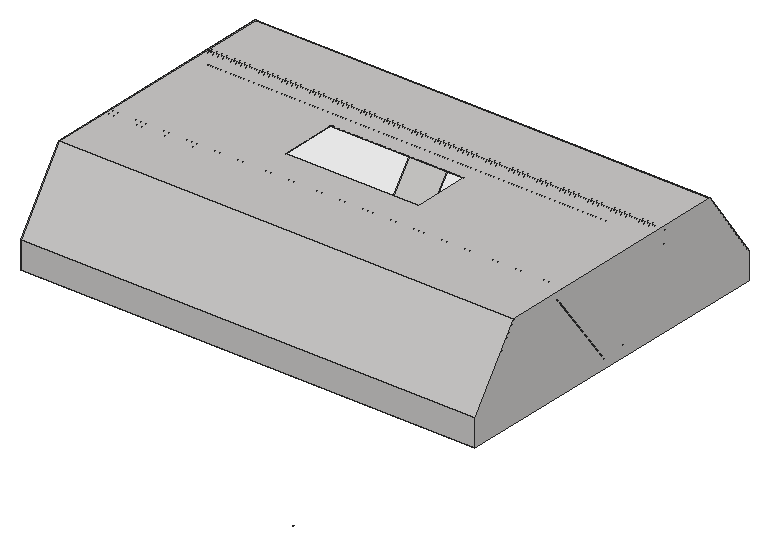
Revit family "QF_ELECTROLUXPROFESSIONAL_642359_BC1824DT", category Specialty Equipment, Revit 2014
Reference planes
  plane 1: z = 0
  plane 2 "Center (Left/Right)": x = 150
  plane 3 "LEFT": x = -1050
  plane 4 "RIGHT": x = 1350
  plane 5 "BACK": y = 550
  plane 6 "TOP": z = 2500
  plane 7 "Base": z = 2000
  plane 8: z = 1946
  plane 9: x = -1047
  plane 10 "DrainX": x = 1199
  plane 11 "AOLeft2": x = 450
  plane 12: x = 1347
  plane 13: x = -850
  plane 14: x = 1150
  plane 15: x = 50
  plane 16: x = 250
  plane 17 "AOLeft1": x = -250
  plane 18: y = -200
  plane 19: y = -500
  plane 20 "Center (Front/Back)": y = -350
  plane 21: y = -1250
  plane 22: through (0, -401.379, 2046.209) normal (0, 0.8019, 0.5974)
  plane 23: through (0, -298.621, 2046.209) normal (0, 0.8019, -0.5974)
  plane 24: z = 2140
Forms (mm)
  Extrusion 1, solid, material "QF_Finishes_Stainless Steel"
    sketch origin (-1050, 0, 360) x (0, 1, 0) y (0, 0, 1)
      loop
        line (550, 1640) -> (550, 1780) -> (299.446, 2140) -> (-999.446, 2140) -> (-1250, 1780) -> (-1250, 1640) -> (550, 1640)
    from 0 to 3
  Extrusion 2, solid, material "QF_Finishes_Stainless Steel"
    sketch origin (1350, 0, 360) x (0, 1, 0) y (0, 0, 1)
      loop
        line (550, 1640) -> (550, 1780) -> (299.446, 2140) -> (-999.446, 2140) -> (-1250, 1780) -> (-1250, 1640) -> (550, 1640)
    from 0 to -3
  Extrusion 3, solid, material "QF_Finishes_Stainless Steel"
    sketch origin (150, 0, 360) x (0, 1, 0) y (0, 0, 1)
      loop
        line (-999.446, 2140) -> (-1250, 1780) -> (-1250, 1640) -> (-1240, 1640) -> (-1240, 1640.8) -> (-1249.2, 1640.8) -> (-1249.2, 1779.739) -> (-999.025, 2139.19) -> (299.025, 2139.19) -> (549.2, 1779.739) -> (549.2, 1640.8) -> (540, 1640.8) -> (540, 1640) -> (550, 1640) -> (550, 1780) -> (299.446, 2140) -> (-999.446, 2140)
    from -1200 to 1200
  Extrusion 4, void
    sketch origin (0, 0, 2500) x (0, 1, 0) y (-1, 0, 0)
      loop
        line (-200, -450) -> (-200, 250) -> (-500, 250) -> (-500, -450) -> (-200, -450)
    from 0 to -10
  Extrusion 5, solid, material "QF_Finishes_Stainless Steel"
    sketch origin (0, 0, 0) x (1, 0, 0) y (0, 1, 0)
      loop
        line (-1050, 550) -> (-1050, 549) -> (-1049, 549) -> (-1049, 550) -> (-1050, 550)
    from 0 to 1
  Extrusion 6, solid, material "QF_Finishes_Stainless Steel"
    sketch origin (150, -400, 360) x (0, 1, 0) y (0, 0, 1)
      loop
        line (-298.883, 2085.553) -> (-1.379, 1686.209) -> (14.66, 1698.157) -> (-282.844, 2097.501) -> (-298.883, 2085.553)
      loop
        line (398.883, 2085.553) -> (382.844, 2097.501) -> (85.34, 1698.157) -> (101.379, 1686.209) -> (398.883, 2085.553)
    from -1000 to -1197
  Extrusion 7, solid, material "QF_Finishes_Stainless Steel"
    sketch origin (150, -400, 360) x (0, 1, 0) y (0, 0, 1)
      loop
        arc (116.056, 1704.554) -> (115.455, 1704.706) -> (114.923, 1704.389) r 0.81
        line (114.923, 1704.389) -> (100.465, 1684.991) -> (83.389, 1687.002) -> (86.391, 1712.615) -> (85.593, 1712.708) -> (82.594, 1687.095)
        arc (82.594, 1687.095) -> (82.763, 1686.499) -> (83.305, 1686.197) r 0.81
        line (83.305, 1686.197) -> (100.372, 1684.196)
        arc (100.372, 1684.196) -> (100.787, 1684.257) -> (101.116, 1684.517) r 0.81
        line (101.116, 1684.517) -> (115.564, 1703.911) -> (126.308, 1695.919) -> (100.145, 1660.79) -> (-0.145, 1660.79) -> (-26.308, 1695.919) -> (-15.564, 1703.911) -> (-1.116, 1684.517)
        arc (-1.116, 1684.517) -> (-0.787, 1684.257) -> (-0.372, 1684.196) r 0.81
        line (-0.372, 1684.196) -> (16.695, 1686.197)
        arc (16.695, 1686.197) -> (17.237, 1686.499) -> (17.406, 1687.095) r 0.81
        line (17.406, 1687.095) -> (14.407, 1712.708) -> (13.609, 1712.615) -> (16.611, 1687.002) -> (-0.465, 1684.991) -> (-14.923, 1704.389)
        arc (-14.923, 1704.389) -> (-15.455, 1704.706) -> (-16.056, 1704.554) r 0.81
        line (-16.056, 1704.554) -> (-26.786, 1696.561)
        arc (-26.786, 1696.561) -> (-27.103, 1696.028) -> (-26.951, 1695.427) r 0.81
        line (-26.951, 1695.427) -> (-0.843, 1660.381)
        arc (-0.843, 1660.381) -> (-0.5, 1660.093) -> (-0.063, 1659.99) r 0.972
        line (-0.063, 1659.99) -> (100.049, 1659.99)
        arc (100.049, 1659.99) -> (100.498, 1660.096) -> (100.851, 1660.393) r 1
        line (100.851, 1660.393) -> (126.951, 1695.427)
        arc (126.951, 1695.427) -> (127.103, 1696.028) -> (126.786, 1696.561) r 0.81
        line (126.786, 1696.561) -> (116.056, 1704.554)
      loop
        line (-292.735, 2139.19) -> (-292.735, 2129.205) -> (-317.587, 2110.686)
        arc (-317.587, 2110.686) -> (-317.904, 2110.153) -> (-317.752, 2109.552) r 0.81
        line (-317.752, 2109.552) -> (-284.894, 2065.446) -> (-295.625, 2057.438) -> (-295.147, 2056.796) -> (-284.418, 2064.79)
        arc (-284.418, 2064.79) -> (-284.1, 2065.322) -> (-284.252, 2065.923) r 0.81
        line (-284.252, 2065.923) -> (-317.117, 2110.038) -> (-291.935, 2128.798) -> (-291.935, 2138.4) -> (-262.776, 2138.4) -> (-262.776, 2070.563) -> (-261.976, 2069.49) -> (-261.976, 2139.19) -> (-292.735, 2139.19)
      loop
        line (392.735, 2139.19) -> (361.976, 2139.19) -> (361.976, 2069.49) -> (362.776, 2070.563) -> (362.776, 2138.4) -> (391.935, 2138.4) -> (391.935, 2128.798) -> (417.117, 2110.038) -> (384.252, 2065.923)
        arc (384.252, 2065.923) -> (384.1, 2065.322) -> (384.418, 2064.79) r 0.81
        line (384.418, 2064.79) -> (395.147, 2056.796) -> (395.625, 2057.438) -> (384.894, 2065.446) -> (417.752, 2109.552)
        arc (417.752, 2109.552) -> (417.904, 2110.153) -> (417.587, 2110.686) r 0.81
        line (417.587, 2110.686) -> (392.735, 2129.205) -> (392.735, 2139.19)
    from -1197 to 1197
  Extrusion 8, solid, material "QF_Finishes_Stainless Steel"
    sketch origin (150, -400, 360) x (0, 1, 0) y (0, 0, 1)
      loop
        line (-298.883, 2085.553) -> (-1.379, 1686.209) -> (14.66, 1698.157) -> (-282.844, 2097.501) -> (-298.883, 2085.553)
      loop
        line (398.883, 2085.553) -> (382.844, 2097.501) -> (85.34, 1698.157) -> (101.379, 1686.209) -> (398.883, 2085.553)
    from 1197 to 1000
  Extrusion 9, solid, material "QF_Finishes_Stainless Steel"
    sketch origin (150, -400, 360) x (0, 1, 0) y (0, 0, 1)
      loop
        line (-298.883, 2085.553) -> (-1.379, 1686.209) -> (14.66, 1698.157) -> (-282.844, 2097.501) -> (-298.883, 2085.553)
      loop
        line (398.883, 2085.553) -> (382.844, 2097.501) -> (85.34, 1698.157) -> (101.379, 1686.209) -> (398.883, 2085.553)
    from -100 to 100
  Extrusion 10, solid, material "QF_Finished_Chrome"
    sketch origin (150, -400, 360) x (0, 1, 0) y (0, 0, 1)
      loop
        line (-298.883, 2085.553) -> (-1.379, 1686.209) -> (14.66, 1698.157) -> (-282.844, 2097.501) -> (-298.883, 2085.553)
      loop
        line (398.883, 2085.553) -> (382.844, 2097.501) -> (85.34, 1698.157) -> (101.379, 1686.209) -> (398.883, 2085.553)
    from -1000 to -100
  Extrusion 11, solid, material "QF_Finished_Chrome"
    sketch origin (150, -400, 360) x (0, 1, 0) y (0, 0, 1)
      loop
        line (-298.883, 2085.553) -> (-1.379, 1686.209) -> (14.66, 1698.157) -> (-282.844, 2097.501) -> (-298.883, 2085.553)
      loop
        line (398.883, 2085.553) -> (382.844, 2097.501) -> (85.34, 1698.157) -> (101.379, 1686.209) -> (398.883, 2085.553)
    from 100 to 1000
  Sweep 12, solid, material "QF_Finishes_Stainless Steel"
    path origin (0, 0, 0) x (1, 0, 0) y (0, 1, 0)
      loop
        line (1350, 550) -> (-1050, 550) -> (-1050, -1250) -> (1350, -1250) -> (1350, 550)
    profile origin (1350, -350, 0) x (1, 0, 0) y (0, 0, 1)
      loop
        line (-3, 2000) -> (-3, 2000.8) -> (-19, 2000.8) -> (-19, 2010) -> (-20, 2010) -> (-20, 2000) -> (-3, 2000)
  Extrusion 13, solid, material "QF_Finishes_Stainless Steel"
    sketch origin (1199, 0, 0) x (0, 1, 0) y (0, 0, 1)
      loop
        arc (-318.5, 1946) -> (-311.429, 1948.929) -> (-308.5, 1956) r 10
        line (-308.5, 1956) -> (-308.5, 2000.8) -> (-391.5, 2000.8) -> (-391.5, 1956)
        arc (-391.5, 1956) -> (-388.571, 1948.929) -> (-381.5, 1946) r 10
        line (-381.5, 1946) -> (-318.5, 1946)
    from -90 to 90
  Extrusion 14, solid, material "QF_Finishes_Stainless Steel"
    sketch origin (0, -1100, 2000) x (0, 1, 0) y (-1, 0, 0)
      loop
        circle (750, -1199) r 6.35
    from -3.799 to 0
Cuts and joins
  Extrusion 4 cuts Extrusion 3
  joined: Extrusion 2, Extrusion 3, Sweep 12
Lines and regions (mm)
  symbolic lines, style "SpecialityEquipment", detail levels coarse
    curve 1: line (1350, 550, 2500) -> (-1050, 550, 2500)
    curve 2: line (-1050, 550, 2500) -> (-1050, -1250.8, 2500)
    curve 3: line (1350, -1250.8, 2500) -> (1350, 550, 2500)
    curve 4: line (-1050, 299.025, 0) -> (1349.504, -999.025, 0)
    curve 5: line (1349.568, 299.025, 0) -> (-1050, -999.025, 0)
  symbolic lines, detail levels coarse
    curve 6: line (-250, -500, 0) -> (450, -500, 0)
    curve 7: line (-250, -200, 0) -> (-250, -500, 0)
    curve 8: line (450, -200, 0) -> (-250, -200, 0)
    curve 9: line (450, -500, 0) -> (450, -200, 0)
    curve 10: line (-1050, 299.025, 0) -> (1349.568, 299.025, 0)
    curve 11: line (1349.504, -999.025, 0) -> (-1050, -999.025, 0)
    curve 12: line (1350, -1250, 0) -> (-1050, -1250, 0)
Dimensions and locks
  plane 3 "LEFT" to plane 4 "RIGHT" = 2400 mm
  equal spacing: plane 3 "LEFT", plane 2 "Center (Left/Right)", plane 4 "RIGHT"
  plane 3 "LEFT" to plane 9 = 3 mm
  plane 10 "DrainX" to plane 4 "RIGHT" = 151 mm
  plane 12 to plane 4 "RIGHT" = 3 mm
  plane 3 "LEFT" to plane 13 = 200 mm
  plane 14 to plane 4 "RIGHT" = 200 mm
  locked: plane 7 "Base" to level at 2000
  locked: plane 15 to plane 16 at 200
  equal spacing: plane 15, plane 2 "Center (Left/Right)", plane 16
  plane 7 "Base" to plane 8 = 54 mm
  locked: plane 6 "TOP" to plane 7 "Base" at 500
  plane 5 "BACK" to plane 21 = 1800 mm  (x2)
  equal spacing: plane 5 "BACK", plane 20 "Center (Front/Back)", plane 21
  plane 19 to plane 18 = 300 mm
  equal spacing: plane 19, plane 20 "Center (Front/Back)", plane 18
  plane 24 to plane 7 "Base" = 140 mm
  locked: plane 17 "AOLeft1" to plane 11 "AOLeft2" at 700
  aligned and locked: level to plane 1
  aligned and locked: plane 4 "RIGHT" to Extrusion 3
  aligned and locked: Extrusion 3 to plane 3 "LEFT"
  aligned and locked: Extrusion 6 to plane 9
  aligned and locked: plane 13 to Extrusion 6
  aligned and locked: Extrusion 2 to plane 12
  aligned and locked: plane 12 to Extrusion 8
  aligned and locked: Extrusion 8 to plane 14
  aligned and locked: plane 16 to Extrusion 9
  aligned and locked: Extrusion 9 to plane 15
  aligned and locked: plane 15 to Extrusion 10
  aligned and locked: Extrusion 10 to plane 13
  aligned and locked: Extrusion 11 to plane 16
  aligned and locked: Extrusion 11 to plane 14
  aligned and locked: Extrusion 7 to plane 9
  aligned and locked: plane 12 to Extrusion 7
  aligned and locked: Extrusion 4 to plane 17 "AOLeft1"
  aligned and locked: Extrusion 4 to plane 11 "AOLeft2"
  aligned and locked: plane 19 to Extrusion 4
  aligned and locked: plane 18 to Extrusion 4
Automatic sketch dimensions
  curve 2 to plane 3 "LEFT" = 0 mm
  curve 3 to plane 4 "RIGHT" = 0 mm
  curve 2 to plane 5 "BACK" = 0 mm
  Extrusion 4 sketch curve to plane 11 "AOLeft2" = 0 mm
  Extrusion 4 sketch curve to plane 17 "AOLeft1" = 0 mm
  Extrusion 5 sketch curve to plane 3 "LEFT" = 0 mm
  Extrusion 5 sketch curve to plane 5 "BACK" = 0 mm
  plane 3 "LEFT" to Extrusion 5 sketch curve = 1 mm
  Extrusion 5 sketch curve to Extrusion 5 sketch curve = 1 mm
  Sweep 12 sketch curve to plane 3 "LEFT" = 0 mm
  Sweep 12 sketch curve to plane 4 "RIGHT" = 0 mm
  Sweep 12 sketch curve to plane 5 "BACK" = 0 mm
  profile plane to Sweep 12 sketch curve = 20 mm
  Sweep 12 sketch curve to Sweep 12 sketch curve = 1 mm
  profile plane to Sweep 12 sketch curve = 3 mm
  level to Sweep 12 sketch curve = 2000 mm
  Sweep 12 sketch curve to Sweep 12 sketch curve = 0.8 mm
  Sweep 12 sketch curve to Sweep 12 sketch curve = 9.2 mm
  plane 19 to curve 3 = 750.8 mm
  plane 19 to curve 2 = 750.8 mm
  plane 19 to Sweep 12 sketch curve = 750 mm
  plane 19 to Extrusion 4 sketch curve = 0 mm
  Extrusion 4 sketch curve to plane 18 = 0 mm
  Extrusion 14 sketch curve to plane 10 "DrainX" = 0 mm
  Extrusion 14 sketch curve to plane 20 "Center (Front/Back)" = 0 mm
  Extrusion 13 sketch curve to plane 8 = 0 mm
  plane 8 to Extrusion 13 sketch curve = 10 mm
  Extrusion 13 sketch curve to plane 20 "Center (Front/Back)" = 41.5 mm
  plane 20 "Center (Front/Back)" to Extrusion 13 sketch curve = 31.5 mm
  plane 7 "Base" to Extrusion 13 sketch curve = 0.8 mm
  plane 20 "Center (Front/Back)" to Extrusion 13 sketch curve = 41.5 mm
  plane 19 to Extrusion 6 sketch curve = 198.883 mm
  Extrusion 6 sketch curve to plane 6 "TOP" = 42.499 mm  (x2)
  Extrusion 6 sketch curve to Extrusion 6 sketch curve = 16.039 mm  (x2)
  Extrusion 6 sketch curve to plane 20 "Center (Front/Back)" = 51.379 mm
  plane 20 "Center (Front/Back)" to Extrusion 6 sketch curve = 35.34 mm
  plane 18 to Extrusion 6 sketch curve = 182.844 mm
  Extrusion 6 sketch curve to Extrusion 6 sketch curve = 11.948 mm  (x2)
  Extrusion 7 sketch curve to plane 6 "TOP" = 30.448 mm  (x2)
  plane 19 to Extrusion 7 sketch curve = 217.752 mm
  Extrusion 7 sketch curve to plane 6 "TOP" = 29.314 mm  (x2)
  Extrusion 7 sketch curve to Extrusion 7 sketch curve = 0.166 mm  (x3)
  Extrusion 7 sketch curve to plane 6 "TOP" = 29.962 mm  (x2)
  Extrusion 7 sketch curve to Extrusion 7 sketch curve = 0.47 mm  (x2)
  Extrusion 7 sketch curve to Extrusion 7 sketch curve = 0.014 mm  (x2)
  Extrusion 7 sketch curve to plane 6 "TOP" = 82.562 mm  (x2)
  Extrusion 7 sketch curve to Extrusion 7 sketch curve = 22.127 mm
  Extrusion 7 sketch curve to plane 6 "TOP" = 83.204 mm  (x2)
  Extrusion 7 sketch curve to Extrusion 7 sketch curve = 0.478 mm  (x5)
  Extrusion 7 sketch curve to plane 6 "TOP" = 0.81 mm  (x2)
  Extrusion 7 sketch curve to Extrusion 7 sketch curve = 24.852 mm
  Extrusion 7 sketch curve to Extrusion 7 sketch curve = 0.8 mm  (x5)
  Extrusion 7 sketch curve to Extrusion 7 sketch curve = 10.724 mm
  Extrusion 7 sketch curve to plane 6 "TOP" = 74.554 mm  (x2)
  Extrusion 7 sketch curve to Extrusion 7 sketch curve = 0.008 mm  (x6)
  Extrusion 7 sketch curve to plane 6 "TOP" = 75.21 mm  (x2)
  Extrusion 7 sketch curve to plane 6 "TOP" = 74.077 mm  (x2)
  Extrusion 7 sketch curve to Extrusion 7 sketch curve = 0.642 mm  (x2)
  Extrusion 7 sketch curve to plane 6 "TOP" = 69.437 mm  (x2)
  Extrusion 7 sketch curve to Extrusion 7 sketch curve = 21.476 mm  (x2)
  Extrusion 7 sketch curve to plane 19 = 73.049 mm
  Extrusion 7 sketch curve to Extrusion 7 sketch curve = 0.006 mm  (x4)
  Extrusion 7 sketch curve to Extrusion 7 sketch curve = 10.73 mm  (x3)
  Extrusion 7 sketch curve to Extrusion 7 sketch curve = 0.484 mm  (x4)
  Extrusion 7 sketch curve to Extrusion 7 sketch curve = 0.641 mm  (x2)
  Extrusion 7 sketch curve to Extrusion 7 sketch curve = 14.448 mm
  plane 7 "Base" to Extrusion 7 sketch curve = 20.381 mm
  Extrusion 7 sketch curve to Extrusion 7 sketch curve = 0.273 mm
  Extrusion 7 sketch curve to Extrusion 7 sketch curve = 0.65 mm  (x2)
  Extrusion 7 sketch curve to Extrusion 7 sketch curve = 0.001 mm  (x4)
  Extrusion 7 sketch curve to Extrusion 7 sketch curve = 0.093 mm  (x2)
  plane 7 "Base" to Extrusion 7 sketch curve = 20.79 mm
  Extrusion 7 sketch curve to Extrusion 7 sketch curve = 0.698 mm
  Extrusion 7 sketch curve to Extrusion 7 sketch curve = 0.081 mm
  Extrusion 7 sketch curve to Extrusion 7 sketch curve = 28.531 mm
  Extrusion 7 sketch curve to Extrusion 7 sketch curve = 0.799 mm  (x2)
  Extrusion 7 sketch curve to Extrusion 7 sketch curve = 17.067 mm  (x2)
  Extrusion 7 sketch curve to Extrusion 7 sketch curve = 0.01 mm  (x4)
  Extrusion 7 sketch curve to Extrusion 7 sketch curve = 0.094 mm
  Extrusion 7 sketch curve to Extrusion 7 sketch curve = 0.795 mm  (x2)
  plane 20 "Center (Front/Back)" to Extrusion 7 sketch curve = 32.594 mm
  Extrusion 7 sketch curve to Extrusion 7 sketch curve = 0.71 mm
  Extrusion 7 sketch curve to Extrusion 7 sketch curve = 2.998 mm
  Extrusion 7 sketch curve to Extrusion 7 sketch curve = 16.745 mm
  Extrusion 7 sketch curve to Extrusion 7 sketch curve = 0.095 mm
  plane 7 "Base" to Extrusion 7 sketch curve = 20.393 mm
  Extrusion 7 sketch curve to Extrusion 7 sketch curve = 0.707 mm
  Extrusion 7 sketch curve to Extrusion 7 sketch curve = 0.651 mm
  Extrusion 7 sketch curve to Extrusion 7 sketch curve = 14.456 mm
  Extrusion 7 sketch curve to plane 6 "TOP" = 70.51 mm  (x2)
  plane 18 to Extrusion 7 sketch curve = 161.976 mm
  Extrusion 7 sketch curve to plane 6 "TOP" = 1.6 mm
  Extrusion 7 sketch curve to Extrusion 7 sketch curve = 29.159 mm
  Extrusion 7 sketch curve to Extrusion 7 sketch curve = 24.368 mm
  Extrusion 7 sketch curve to Extrusion 7 sketch curve = 0.636 mm
  Extrusion 7 sketch curve to Extrusion 7 sketch curve = 23.206 mm
  Extrusion 7 sketch curve to Extrusion 7 sketch curve = 23.234 mm
  Extrusion 7 sketch curve to Extrusion 7 sketch curve = 0.321 mm  (x2)
  Extrusion 7 sketch curve to Extrusion 7 sketch curve = 2.001 mm  (x2)
  Extrusion 7 sketch curve to Extrusion 7 sketch curve = 0.804 mm  (x2)
  Extrusion 7 sketch curve to Extrusion 7 sketch curve = 10.911 mm  (x2)
  Extrusion 7 sketch curve to Extrusion 7 sketch curve = 7.993 mm  (x2)
  Extrusion 7 sketch curve to Extrusion 7 sketch curve = 25.613 mm  (x2)
  Extrusion 7 sketch curve to Extrusion 7 sketch curve = 0.407 mm  (x2)
  Extrusion 7 sketch curve to Extrusion 7 sketch curve = 0.79 mm
  Extrusion 3 sketch curve to plane 7 "Base" = 0 mm  (x2)
  Extrusion 3 sketch curve to plane 21 = 0 mm
  Extrusion 3 sketch curve to plane 5 "BACK" = 0 mm
  plane 21 to Extrusion 3 sketch curve = 0.8 mm
  plane 7 "Base" to Extrusion 3 sketch curve = 0.8 mm  (x2)
  Extrusion 3 sketch curve to Extrusion 3 sketch curve = 9.2 mm
  plane 21 to Extrusion 3 sketch curve = 250.554 mm
  Extrusion 3 sketch curve to Extrusion 3 sketch curve = 0.421 mm  (x2)
  Extrusion 3 sketch curve to plane 6 "TOP" = 0.81 mm
  Extrusion 3 sketch curve to plane 5 "BACK" = 250.975 mm
  Extrusion 3 sketch curve to plane 5 "BACK" = 10 mm
  Extrusion 3 sketch curve to plane 5 "BACK" = 0.8 mm
  Extrusion 3 sketch curve to Extrusion 3 sketch curve = 138.939 mm  (x2)
  Extrusion 3 sketch curve to Extrusion 3 sketch curve = 0.261 mm  (x2)
  Extrusion 3 sketch curve to plane 6 "TOP" = 0 mm
  Extrusion 1 sketch curve to plane 7 "Base" = 0 mm
  Extrusion 1 sketch curve to plane 21 = 0 mm
  Extrusion 1 sketch curve to plane 6 "TOP" = 0 mm
  Extrusion 1 sketch curve to plane 5 "BACK" = 0 mm
  Extrusion 1 sketch curve to plane 5 "BACK" = 250.554 mm
  plane 7 "Base" to Extrusion 1 sketch curve = 140 mm
  Extrusion 1 sketch curve to Extrusion 1 sketch curve = 140 mm
  plane 21 to Extrusion 1 sketch curve = 250.554 mm
  plane 19 to Extrusion 10 sketch curve = 198.883 mm
  Extrusion 10 sketch curve to plane 6 "TOP" = 42.499 mm  (x2)
  Extrusion 10 sketch curve to Extrusion 10 sketch curve = 16.039 mm  (x2)
  Extrusion 10 sketch curve to plane 20 "Center (Front/Back)" = 51.379 mm
  plane 20 "Center (Front/Back)" to Extrusion 10 sketch curve = 35.34 mm
  plane 18 to Extrusion 10 sketch curve = 182.844 mm
  Extrusion 10 sketch curve to Extrusion 10 sketch curve = 11.948 mm  (x2)
  plane 19 to Extrusion 9 sketch curve = 198.883 mm
  Extrusion 9 sketch curve to plane 6 "TOP" = 42.499 mm  (x2)
  Extrusion 9 sketch curve to Extrusion 9 sketch curve = 16.039 mm  (x2)
  Extrusion 9 sketch curve to plane 20 "Center (Front/Back)" = 51.379 mm
  plane 20 "Center (Front/Back)" to Extrusion 9 sketch curve = 35.34 mm
  plane 18 to Extrusion 9 sketch curve = 182.844 mm
  Extrusion 9 sketch curve to Extrusion 9 sketch curve = 11.948 mm  (x2)
  plane 19 to Extrusion 11 sketch curve = 198.883 mm
  Extrusion 11 sketch curve to plane 6 "TOP" = 42.499 mm  (x2)
  Extrusion 11 sketch curve to Extrusion 11 sketch curve = 16.039 mm  (x2)
  Extrusion 11 sketch curve to plane 20 "Center (Front/Back)" = 51.379 mm
  plane 20 "Center (Front/Back)" to Extrusion 11 sketch curve = 35.34 mm
  plane 18 to Extrusion 11 sketch curve = 182.844 mm
  Extrusion 11 sketch curve to Extrusion 11 sketch curve = 11.948 mm  (x2)
  plane 19 to Extrusion 8 sketch curve = 198.883 mm
  Extrusion 8 sketch curve to plane 6 "TOP" = 42.499 mm  (x2)
  Extrusion 8 sketch curve to Extrusion 8 sketch curve = 16.039 mm  (x2)
  Extrusion 8 sketch curve to plane 20 "Center (Front/Back)" = 51.379 mm
  plane 20 "Center (Front/Back)" to Extrusion 8 sketch curve = 35.34 mm
  plane 18 to Extrusion 8 sketch curve = 182.844 mm
  Extrusion 8 sketch curve to Extrusion 8 sketch curve = 11.948 mm  (x2)
  Extrusion 2 sketch curve to plane 7 "Base" = 0 mm
  Extrusion 2 sketch curve to plane 21 = 0 mm
  Extrusion 2 sketch curve to plane 5 "BACK" = 0 mm
  Extrusion 2 sketch curve to plane 24 = 0 mm  (x2)
  Extrusion 2 sketch curve to plane 5 "BACK" = 250.554 mm
  plane 21 to Extrusion 2 sketch curve = 250.554 mm
  Extrusion 2 sketch curve to plane 6 "TOP" = 0 mm
  curve 4 to plane 3 "LEFT" = 0 mm
  curve 11 to plane 3 "LEFT" = 0 mm
  curve 12 to plane 3 "LEFT" = 0 mm
  curve 7 to plane 17 "AOLeft1" = 0 mm
  curve 8 to plane 11 "AOLeft2" = 0 mm
  curve 12 to plane 4 "RIGHT" = 0 mm
  curve 12 to plane 21 = 0 mm
  plane 19 to curve 6 = 0 mm
  curve 9 to plane 18 = 0 mm
  curve 11 to plane 4 "RIGHT" = 0.496 mm
  curve 10 to plane 4 "RIGHT" = 0.432 mm
  plane 21 to curve 4 = 250.975 mm
  curve 10 to plane 5 "BACK" = 250.975 mm
  radius of Extrusion 14 sketch curve = 6.35 mm
Connectors
  hvac at (100, -350, 2500)
    settings: on Extrusion 4, index 2, duct flow 0.0 L/s, flow factor 0, pres drop 0.0 Pa, loss coef 0, conn angle 0.00°, conn width 300 mm, conn height 0 mm, conn diameter 609.6 mm, duct sys type 3, conn prof type 1, flow config 1, flow direction 2, loss method 0, conn ref index -1, conn util no, is conn primary yes, conn desc "EXHAUST OUTLET"
  piping at (1199, -350, 1996.201), diameter 12.7
    settings: on Extrusion 14, index 4, connector inside diameter 609.6 mm, connector length 0 mm, flow factor 0, pipe flow 0.0 L/s, pressure drop 0.0 Pa, fitting loss kfactor 0, connector angle 0.00°, fixture units 0, engagement length 0 mm, angle of deflection 0.00°, flow configuration 1, flow direction 2, fitting loss method 0, system type 16, joint type 0, gender type 0, connector reference index -1, connector utility 0, adjustable connector no, is connector primary yes, connector description "Drain"
